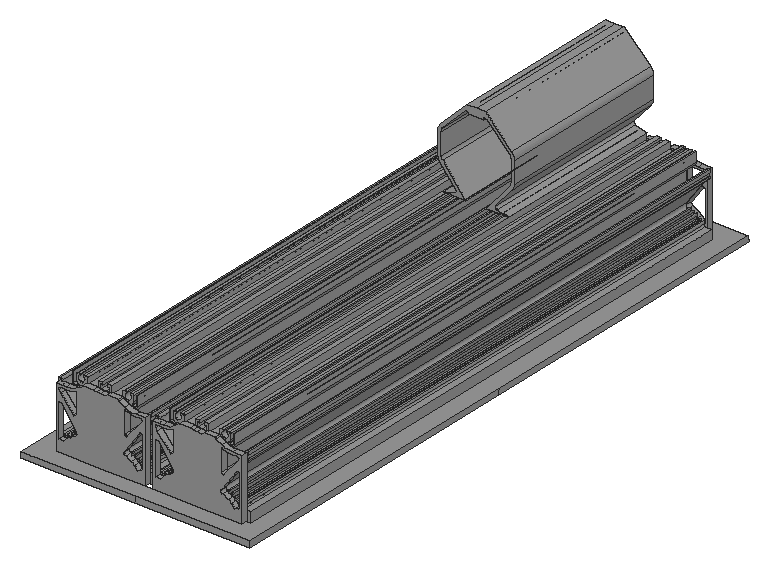
Revit family "L-street 48 Standart", category Осветительные приборы, Revit 2017 (continued)
Types (5, lengths in mm): name | built-in parameter 1150134 | Файл фотометрической сетки | built-in parameter 1150105 | Lumens | built-in parameter 1150106 | built-in parameter 1150142 | Wattage | built-in parameter 1150107 | Артикул
    8 3303.737 3215.41 3021.206 2615.813 1845.79 1026.508 618.849 508.442 454.087 364.063 \r\n276.869 201.565 141.548 103.614 79.267 64.546 57.186 53.222 0.00 0.00 0.00 0.00 0.00 0.00 0.00 0.00 0.00 0.00 0.00 0.00 0.00 0.00 \r\n0.00 0.00 0.00 0.00 0.00 0.00 0.00 0.00 0.00 0.00 0.00 0.00 0.00 0.00 0.00 0.00 0.00 0.00 0.00 0.00 0.00 0.00\r\n2431.019 2474.263 2547.868 2619.209 2691.681 2759.625 2826.435 2893.246 2955.527 3014.411 3075.56 3148.033 3219.373 3285.052 \r\n3338.274 3359.789 3346.201 3314.494 3297.508 3246.551 3099.341 2823.039 2280.627 1417.75 755.303 514.104 459.749 412.188 327.26 \r\n251.39 197.035 147.21 108.709 81.532 63.414 55.487 53.222 0.00 0.00 0.00 0.00 0.00 0.00 0.00 0.00 0.00 0.00 0.00 0.00 0.00 0.00 \r\n0.00 0.00 0.00 0.00 0.00 0.00 0.00 0.00 0.00 0.00 0.00 0.00 0.00 0.00 0.00 0.00 0.00 0.00 0.00 0.00 0.00 0.00\r\n2431.019 2474.83 2551.266 2626.003 2697.91 2766.419 2833.23 2898.342 2960.057 3019.507 3082.355 3154.261 3222.771 3282.787 3325.252\r\n 3339.406 3316.193 3282.787 3249.382 3154.828 2948.167 2590.90 1964.125 1161.829 644.894 473.337 426.344 375.386 296.686 232.14 \r\n186.844 148.343 112.106 82.665 62.282 53.222 50.958 0.00 0.00 0.00 0.00 0.00 0.00 0.00 0.00 0.00 0.00 0.00 0.00 0.00 0.00 0.00 0.00\r\n 0.00 0.00 0.00 0.00 0.00 0.00 0.00 0.00 0.00 0.00 0.00 0.00 0.00 0.00 0.00 0.00 0.00 0.00 0.00 0.00\r\n2431.019 2475.396 2554.663 2632.797 2704.138 2773.213 2840.024 2903.438 2964.586 3024.603 3089.149 3160.489 3226.168 3280.522 \r\n3312.229 3319.023 3286.184 3251.08 3201.255 3063.105 2796.994 2358.761 1647.624 905.911 534.487 432.571 392.938 338.583 266.111 \r\n212.889 176.652 149.475 115.503 83.797 61.149 50.957 48.693 0.00 0.00 0.00 0.00 0.00 0.00 0.00 0.00 0.00 0.00 0.00 0.00 0.00 0.00 \r\n0.00 0.00 0.00 0.00 0.00 0.00 0.00 0.00 0.00 0.00 0.00 0.00 0.00 0.00 0.00 0.00 0.00 0.00 0.00 0.00 0.00 0.00\r\n2431.019 2479.926 2560.891 2640.158 2712.631 2781.14 2846.819 2908.534 2969.116 3030.831 3097.076 3167.284 3230.131 3278.258 \r\n3302.604 3301.471 3268.066 3226.734 3141.239 2957.226 2642.423 2143.042 1420.58 772.854 493.154 417.284 374.82 315.37 250.258 \r\n204.396 172.689 147.777 115.503 84.363 61.715 50.391 48.693 0.00 0.00 0.00 0.00 0.00 0.00 0.00 0.00 0.00 0.00 0.00 0.00 0.00 0.00 \r\n0.00 0.00 0.00 0.00 0.00 0.00 0.00 0.00 0.00 0.00 0.00 0.00 0.00 0.00 0.00 0.00 0.00 0.00 0.00 0.00 0.00 0.00\r\n2431.019 2484.455 2567.119 2647.518 2721.123 2789.067 2853.613 2913.629 2973.646 3037.059 3105.002 3174.078 3234.094 3275.993 \r\n3292.978 3283.919 3249.948 3202.388 3081.222 2851.349 2487.853 1927.322 1193.536 639.799 451.822 401.997 356.702 292.156 234.404 \r\n195.903 168.726 146.078 115.503 84.929 62.281 49.825 48.693 0.00 0.00 0.00 0.00 0.00 0.00 0.00 0.00 0.00 0.00 0.00 0.00 0.00 0.00 \r\n0.00 0.00 0.00 0.00 0.00 0.00 0.00 0.00 0.00 0.00 0.00 0.00 0.00 0.00 0.00 0.00 0.00 0.00 0.00 0.00 0.00 0.00\r\n2431.019 2473.131 2557.494 2641.29 2718.859 2789.067 2854.745 2915.894 2975.345 3038.758 3108.966 3177.475 3235.227 3274.294 \r\n3288.449 3277.125 3245.419 3193.895 3056.31 2807.185 2421.041 1848.054 1144.843 630.739 445.028 391.806 349.908 291.59 239.50 \r\n201.565 174.388 151.174 121.732 93.422 71.34 56.62 54.355 0.00 0.00 0.00 0.00 0.00 0.00 0.00 0.00 0.00 0.00 0.00 0.00 0.00 0.00 \r\n0.00 0.00 0.00 0.00 0.00 0.00 0.00 0.00 0.00 0.00 0.00 0.00 0.00 0.00 0.00 0.00 0.00 0.00 0.00 0.00 0.00 0.00\r\n2431.019 2461.807 2547.868 2635.062 2716.594 2789.067 2855.877 2918.159 2977.043 3040.456 3112.929 3180.872 3236.359 3272.595 \r\n3283.919 3270.331 3240.889 3185.402 3031.397 2763.022 2354.23 1768.787 1096.15 621.68 438.233 381.614 343.113 291.023 244.595 \r\n207.227 180.049 156.269 127.96 101.915 80.399 63.414 60.016 0.00 0.00 0.00 0.00 0.00 0.00 0.00 0.00 0.00 0.00 0.00 0.00 0.00 0.00 \r\n0.00 0.00 0.00 0.00 0.00 0.00 0.00 0.00 0.00 0.00 0.00 0.00 0.00 0.00 0.00 0.00 0.00 0.00 0.00 0.00 0.00 0.00\r\n2431.019 2464.638 2551.832 2640.158 2721.69 2794.163 2861.539 2923.821 2983.837 3051.214 3124.253 3192.196 3240.889 3266.934 \r\n3272.596 3258.441 3219.374 3098.775 2868.901 2525.222 2039.994 1442.095 858.916 544.112 431.439 375.952 328.392 276.302 234.404 \r\n202.131 176.652 151.174 123.997 100.217 80.966 66.245 61.149 0.00 0.00 0.00 0.00 0.00 0.00 0.00 0.00 0.00 0.00 0.00 0.00 0.00 0.00 \r\n0.00 0.00 0.00 0.00 0.00 0.00 0.00 0.00 0.00 0.00 0.00 0.00 0.00 0.00 0.00 0.00 0.00 0.00 0.00 0.00 0.00 0.00\r\n2431.019 2467.469 2555.795 2645.254 2726.785 2799.258 2867.201 2929.483 2990.631 3061.972 3135.577 3203.52 3245.418 3261.272 \r\n3261.272 3246.551 3197.858 3012.147 2706.402 2287.42 1725.756 1115.40 621.68 466.543 424.645 370.29 313.671 261.581 224.212 197.035\r\n 173.255 146.078 120.033 98.518 81.532 69.076 62.281 0.00 0.00 0.00 0.00 0.00 0.00 0.00 0.00 0.00 0.00 0.00 0.00 0.00 0.00 0.00 \r\n0.00 0.00 0.00 0.00 0.00 0.00 0.00 0.00 0.00 0.00 0.00 0.00 0.00 0.00 0.00 0.00 0.00 0.00 0.00 0.00 0.00\r\n2431.019 2464.638 2555.229 2645.254 2728.484 2801.523 2869.466 2930.615 2992.33 3060.84 3131.614 3195.027 3234.661 3249.382 \r\n3252.213 3243.154 3205.219 3055.178 2784.537 2385.938 1830.502 1208.256 684.528 476.735 418.983 369.158 314.804 262.148 223.08 \r\n194.771 167.593 139.85 112.673 90.591 74.172 61.149 56.053 0.00 0.00 0.00 0.00 0.00 0.00 0.00 0.00 0.00 0.00 0.00 0.00 0.00 0.00 \r\n0.00 0.00 0.00 0.00 0.00 0.00 0.00 0.00 0.00 0.00 0.00 0.00 0.00 0.00 0.00 0.00 0.00 0.00 0.00 0.00 0.00 0.00\r\n2431.019 2461.807 2554.663 2645.254 2730.183 2803.788 2871.731 2931.747 2994.029 3059.707 3127.65 3186.534 3223.903 3237.491 \r\n3243.153 3239.756 3212.579 3098.208 2862.672 2484.455 1935.248 1301.111 747.375 486.926 413.321 368.025 315.936 262.714 221.948 \r\n192.506 161.931 133.622 105.312 82.664 66.811 53.222 49.825 0.00 0.00 0.00 0.00 0.00 0.00 0.00 0.00 0.00 0.00 0.00 0.00 0.00 0.00 \r\n0.00 0.00 0.00 0.00 0.00 0.00 0.00 0.00 0.00 0.00 0.00 0.00 0.00 0.00 0.00 0.00 0.00 0.00 0.00 0.00 0.00 0.00\r\n2431.019 2464.638 2558.626 2650.35 2735.845 2810.016 2877.959 2939.674 3001.956 3068.20 3135.011 3188.233 3219.94 3231.263 3238.624\r\n 3243.154 3217.675 3098.208 2855.312 2465.205 1902.975 1274.50 736.617 489.757 418.983 374.82 322.164 270.075 230.441 199.30 \r\n168.726 139.85 111.54 87.76 71.341 58.318 54.355 0.00 0.00 0.00 0.00 0.00 0.00 0.00 0.00 0.00 0.00 0.00 0.00 0.00 0.00 0.00 0.00 \r\n0.00 0.00 0.00 0.00 0.00 0.00 0.00 0.00 0.00 0.00 0.00 0.00 0.00 0.00 0.00 0.00 0.00 0.00 0.00 0.00\r\n2431.019 2467.469 2562.589 2655.445 2741.506 2816.244 2884.187 2947.601 3009.882 3076.693 3142.371 3189.931 3215.976 3225.035 \r\n3234.094 3246.551 3222.77 3098.208 2847.951 2445.954 1870.702 1247.889 725.859 492.588 424.645 381.614 328.392 277.435 238.933 \r\n206.094 175.52 146.078 117.768 92.856 75.87 63.414 58.884 0.00 0.00 0.00 0.00 0.00 0.00 0.00 0.00 0.00 0.00 0.00 0.00 0.00 0.00 \r\n0.00 0.00 0.00 0.00 0.00 0.00 0.00 0.00 0.00 0.00 0.00 0.00 0.00 0.00 0.00 0.00 0.00 0.00 0.00 0.00 0.00 0.00\r\n2431.019 2481.058 2577.877 2670.166 2755.095 2827.568 2893.813 2956.66 3017.809 3084.054 3149.166 3195.593 3219.94 3228.999 3239.19\r\n 3253.912 3225.035 3090.848 2823.605 2400.092 1805.59 1181.079 683.961 482.963 425.211 377.651 320.466 269.508 233.272 203.263 \r\n171.557 141.549 112.673 87.76 70.774 60.583 56.053 0.00 0.00 0.00 0.00 0.00 0.00 0.00 0.00 0.00 0.00 0.00 0.00 0.00 0.00 0.00 0.00 \r\n0.00 0.00 0.00 0.00 0.00 0.00 0.00 0.00 0.00 0.00 0.00 0.00 0.00 0.00 0.00 0.00 0.00 0.00 0.00 0.00\r\n2431.019 2494.646 2593.164 2684.887 2768.684 2838.892 2903.438 2965.719 3025.735 3091.414 3155.96 3201.255 3223.903 3232.962 \r\n3244.286 3261.272 3227.30 3083.487 2799.258 2354.23 1740.477 1114.268 642.063 473.337 425.777 373.687 312.539 261.581 227.61 \r\n200.432 167.593 137.019 107.577 82.664 65.678 57.752 53.222 0.00 0.00 0.00 0.00 0.00 0.00 0.00 0.00 0.00 0.00 0.00 0.00 0.00 0.00 \r\n0.00 0.00 0.00 0.00 0.00 0.00 0.00 0.00 0.00 0.00 0.00 0.00 0.00 0.00 0.00 0.00 0.00 0.00 0.00 0.00 0.00 0.00\r\n2431.019 2481.058 2577.877 2670.166 2755.095 2827.568 2893.813 2956.66 3017.809 3084.054 3149.166 3195.593 3219.94 3228.999 3239.19\r\n 3253.912 3225.035 3090.848 2823.605 2400.092 1805.59 1181.079 683.961 482.963 425.211 377.651 320.466 269.508 233.272 203.263 \r\n171.557 141.549 112.673 87.76 70.774 60.583 56.053 0.00 0.00 0.00 0.00 0.00 0.00 0.00 0.00 0.00 0.00 0.00 0.00 0.00 0.00 0.00 0.00 \r\n0.00 0.00 0.00 0.00 0.00 0.00 0.00 0.00 0.00 0.00 0.00 0.00 0.00 0.00 0.00 0.00 0.00 0.00 0.00 0.00\r\n2431.019 2467.469 2562.589 2655.445 2741.506 2816.244 2884.187 2947.601 3009.882 3076.693 3142.371 3189.931 3215.976 3225.035 \r\n3234.094 3246.551 3222.77 3098.208 2847.951 2445.954 1870.702 1247.889 725.859 492.588 424.645 381.614 328.392 277.435 238.933 \r\n206.094 175.52 146.078 117.768 92.856 75.87 63.414 58.884 0.00 0.00 0.00 0.00 0.00 0.00 0.00 0.00 0.00 0.00 0.00 0.00 0.00 0.00 \r\n0.00 0.00 0.00 0.00 0.00 0.00 0.00 0.00 0.00 0.00 0.00 0.00 0.00 0.00 0.00 0.00 0.00 0.00 0.00 0.00 0.00 0.00\r\n2431.019 2464.638 2558.626 2650.35 2735.845 2810.016 2877.959 2939.674 3001.956 3068.20 3135.011 3188.233 3219.94 3231.263 3238.624\r\n 3243.154 3217.675 3098.208 2855.312 2465.205 1902.975 1274.50 736.617 489.757 418.983 374.82 322.164 270.075 230.441 199.30 \r\n168.726 139.85 111.54 87.76 71.341 58.318 54.355 0.00 0.00 0.00 0.00 0.00 0.00 0.00 0.00 0.00 0.00 0.00 0.00 0.00 0.00 0.00 0.00 \r\n0.00 0.00 0.00 0.00 0.00 0.00 0.00 0.00 0.00 0.00 0.00 0.00 0.00 0.00 0.00 0.00 0.00 0.00 0.00 0.00\r\n2431.019 2461.807 2554.663 2645.254 2730.183 2803.788 2871.731 2931.747 2994.029 3059.707 3127.65 3186.534 3223.903 3237.491 \r\n3243.153 3239.756 3212.579 3098.208 2862.672 2484.455 1935.248 1301.111 747.375 486.926 413.321 368.025 315.936 262.714 221.948 \r\n192.506 161.931 133.622 105.312 82.664 66.811 53.222 49.825 0.00 0.00 0.00 0.00 0.00 0.00 0.00 0.00 0.00 0.00 0.00 0.00 0.00 0.00 \r\n0.00 0.00 0.00 0.00 0.00 0.00 0.00 0.00 0.00 0.00 0.00 0.00 0.00 0.00 0.00 0.00 0.00 0.00 0.00 0.00 0.00 0.00\r\n2431.019 2464.638 2555.229 2645.254 2728.484 2801.523 2869.466 2930.615 2992.33 3060.84 3131.614 3195.027 3234.661 3249.382 \r\n3252.213 3243.154 3205.219 3055.178 2784.537 2385.938 1830.502 1208.256 684.528 476.735 418.983 369.158 314.804 262.148 223.08 \r\n194.771 167.593 139.85 112.673 90.591 74.172 61.149 56.053 0.00 0.00 0.00 0.00 0.00 0.00 0.00 0.00 0.00 0.00 0.00 0.00 0.00 0.00 \r\n0.00 0.00 0.00 0.00 0.00 0.00 0.00 0.00 0.00 0.00 0.00 0.00 0.00 0.00 0.00 0.00 0.00 0.00 0.00 0.00 0.00 0.00\r\n2431.019 2467.469 2555.795 2645.254 2726.785 2799.258 2867.201 2929.483 2990.631 3061.972 3135.577 3203.52 3245.418 3261.272 \r\n3261.272 3246.551 3197.858 3012.147 2706.402 2287.42 1725.756 1115.40 621.68 466.543 424.645 370.29 313.671 261.581 224.212 197.035\r\n 173.255 146.078 120.033 98.518 81.532 69.076 62.281 0.00 0.00 0.00 0.00 0.00 0.00 0.00 0.00 0.00 0.00 0.00 0.00 0.00 0.00 0.00 \r\n0.00 0.00 0.00 0.00 0.00 0.00 0.00 0.00 0.00 0.00 0.00 0.00 0.00 0.00 0.00 0.00 0.00 0.00 0.00 0.00 0.00\r\n2431.019 2464.638 2551.832 2640.158 2721.69 2794.163 2861.539 2923.821 2983.837 3051.214 3124.253 3192.196 3240.889 3266.934 \r\n3272.596 3258.441 3219.374 3098.775 2868.90 2525.221 2039.993 1442.094 858.915 544.112 431.439 375.952 328.392 276.302 234.404 \r\n202.131 176.652 151.174 123.997 100.217 80.966 66.245 61.149 0.00 0.00 0.00 0.00 0.00 0.00 0.00 0.00 0.00 0.00 0.00 0.00 0.00 0.00 \r\n0.00 0.00 0.00 0.00 0.00 0.00 0.00 0.00 0.00 0.00 0.00 0.00 0.00 0.00 0.00 0.00 0.00 0.00 0.00 0.00 0.00 0.00\r\n2431.019 2461.807 2547.868 2635.062 2716.594 2789.067 2855.877 2918.159 2977.043 3040.456 3112.929 3180.872 3236.359 3272.595 \r\n3283.919 3270.331 3240.889 3185.402 3031.397 2763.022 2354.23 1768.787 1096.15 621.68 438.233 381.614 343.113 291.023 244.595 \r\n207.227 180.049 156.269 127.96 101.915 80.399 63.414 60.016 0.00 0.00 0.00 0.00 0.00 0.00 0.00 0.00 0.00 0.00 0.00 0.00 0.00 0.00 \r\n0.00 0.00 0.00 0.00 0.00 0.00 0.00 0.00 0.00 0.00 0.00 0.00 0.00 0.00 0.00 0.00 0.00 0.00 0.00 0.00 0.00 0.00\r\n2431.019 2473.131 2557.494 2641.29 2718.859 2789.067 2854.745 2915.894 2975.345 3038.758 3108.966 3177.475 3235.227 3274.294 \r\n3288.449 3277.125 3245.419 3193.895 3056.31 2807.185 2421.041 1848.054 1144.843 630.739 445.028 391.806 349.908 291.59 239.50 \r\n201.565 174.388 151.174 121.732 93.422 71.34 56.62 54.355 0.00 0.00 0.00 0.00 0.00 0.00 0.00 0.00 0.00 0.00 0.00 0.00 0.00 0.00 \r\n0.00 0.00 0.00 0.00 0.00 0.00 0.00 0.00 0.00 0.00 0.00 0.00 0.00 0.00 0.00 0.00 0.00 0.00 0.00 0.00 0.00 0.00\r\n2431.019 2484.455 2567.119 2647.518 2721.123 2789.067 2853.613 2913.629 2973.646 3037.059 3105.002 3174.078 3234.094 3275.993 \r\n3292.978 3283.919 3249.948 3202.388 3081.222 2851.348 2487.852 1927.321 1193.535 639.798 451.822 401.997 356.702 292.156 234.404 \r\n195.903 168.726 146.078 115.503 84.929 62.281 49.825 48.693 0.00 0.00 0.00 0.00 0.00 0.00 0.00 0.00 0.00 0.00 0.00 0.00 0.00 0.00 \r\n0.00 0.00 0.00 0.00 0.00 0.00 0.00 0.00 0.00 0.00 0.00 0.00 0.00 0.00 0.00 0.00 0.00 0.00 0.00 0.00 0.00 0.00\r\n2431.019 2479.926 2560.891 2640.158 2712.631 2781.14 2846.819 2908.534 2969.116 3030.831 3097.076 3167.284 3230.131 3278.258 \r\n3302.604 3301.471 3268.066 3226.734 3141.239 2957.226 2642.423 2143.041 1420.579 772.854 493.154 417.284 374.82 315.37 250.258 \r\n204.396 172.689 147.777 115.503 84.363 61.715 50.391 48.693 0.00 0.00 0.00 0.00 0.00 0.00 0.00 0.00 0.00 0.00 0.00 0.00 0.00 0.00 \r\n0.00 0.00 0.00 0.00 0.00 0.00 0.00 0.00 0.00 0.00 0.00 0.00 0.00 0.00 0.00 0.00 0.00 0.00 0.00 0.00 0.00 0.00\r\n2431.019 2475.396 2554.663 2632.797 2704.138 2773.213 2840.024 2903.438 2964.586 3024.603 3089.149 3160.489 3226.168 3280.522 \r\n3312.229 3319.023 3286.184 3251.08 3201.255 3063.104 2796.993 2358.76 1647.622 905.909 534.486 432.571 392.938 338.583 266.111 \r\n212.889 176.652 149.475 115.503 83.797 61.149 50.957 48.693 0.00 0.00 0.00 0.00 0.00 0.00 0.00 0.00 0.00 0.00 0.00 0.00 0.00 0.00 \r\n0.00 0.00 0.00 0.00 0.00 0.00 0.00 0.00 0.00 0.00 0.00 0.00 0.00 0.00 0.00 0.00 0.00 0.00 0.00 0.00 0.00 0.00\r\n2431.019 2474.83 2551.266 2626.003 2697.91 2766.419 2833.23 2898.342 2960.057 3019.507 3082.355 3154.261 3222.771 3282.787 3325.252\r\n 3339.406 3316.193 3282.787 3249.382 3154.828 2948.167 2590.899 1964.124 1161.828 644.894 473.337 426.344 375.386 296.686 232.14 \r\n186.844 148.343 112.106 82.665 62.282 53.222 50.958 0.00 0.00 0.00 0.00 0.00 0.00 0.00 0.00 0.00 0.00 0.00 0.00 0.00 0.00 0.00 0.00\r\n 0.00 0.00 0.00 0.00 0.00 0.00 0.00 0.00 0.00 0.00 0.00 0.00 0.00 0.00 0.00 0.00 0.00 0.00 0.00 0.00\r\n2431.019 2474.263 2547.868 2619.209 2691.681 2759.625 2826.435 2893.246 2955.527 3014.411 3075.56 3148.033 3219.373 3285.052 \r\n3338.274 3359.789 3346.201 3314.494 3297.508 3246.551 3099.34 2823.037 2280.624 1417.746 755.301 514.103 459.749 412.188 327.26 \r\n251.39 197.035 147.21 108.709 81.532 63.414 55.487 53.222 0.00 0.00 0.00 0.00 0.00 0.00 0.00 0.00 0.00 0.00 0.00 0.00 0.00 0.00 \r\n0.00 0.00 0.00 0.00 0.00 0.00 0.00 0.00 0.00 0.00 0.00 0.00 0.00 0.00 0.00 0.00 0.00 0.00 0.00 0.00 0.00 0.00\r\n2431.019 2478.227 2549.001 2618.643 2689.983 2757.36 2825.869 2893.246 2954.395 3011.581 3071.597 3140.673 3212.579 3280.523 \r\n3339.973 3376.209 3380.739 3354.694 3333.178 3303.737 3215.41 3021.206 2615.812 1845.789 1026.508 618.849 508.442 454.087 364.063 \r\n276.869 201.565 141.548 103.614 79.267 64.546 57.186 53.222 0.00 0.00 0.00 0.00 0.00 0.00 0.00 0.00 0.00 0.00 0.00 0.00 0.00 0.00 \r\n0.00 0.00 0.00 0.00 0.00 0.00 0.00 0.00 0.00 0.00 0.00 0.00 0.00 0.00 0.00 0.00 0.00 0.00 0.00 0.00 0.00 0.00\r\n2431.019 2482.19 2550.133 2618.076 2688.284 2755.095 2825.303 2893.246 2953.263 3008.75 3067.634 3133.312 3205.785 3275.993 \r\n3341.671 3392.628 3415.276 3394.893 3368.848 3360.922 3331.48 3219.373 2950.998 2273.831 1297.714 723.595 557.134 495.985 400.865 \r\n302.347 206.094 135.886 98.518 77.002 65.678 58.884 53.222 0.00 0.00 0.00 0.00 0.00 0.00 0.00 0.00 0.00 0.00 0.00 0.00 0.00 0.00 \r\n0.00 0.00 0.00 0.00 0.00 0.00 0.00 0.00 0.00 0.00 0.00 0.00 0.00 0.00 0.00 0.00 0.00 0.00 0.00 0.00 0.00 0.00\r\n2431.019 2484.455 2549.001 2614.113 2682.056 2748.301 2817.943 2884.753 2946.469 3001.956 3059.141 3122.555 3192.196 3264.103 \r\n3332.046 3397.158 3440.189 3437.924 3409.614 3399.423 3396.026 3347.333 3190.498 2731.315 1821.443
